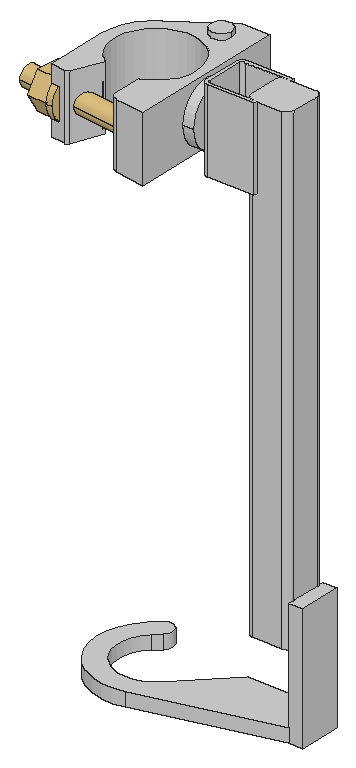
Revit family "AND_HANDLE LOCK_2129485", category Generic Models, Revit 2018
Family settings
  Can host rebar = No
  Round Connector Dimension = Use Diameter
  Part Type = Normal
  OmniClass Number = 35.51.17.00
  OmniClass Title = SCAFFOLDING SHORING AND FENCING
  Work Plane-Based = Yes
  Always vertical = No
  Cut with Voids When Loaded = No
  Shared = Yes
  Room Calculation Point = No
Parameters
  VERSION = "20170217"  # constant formula
  URL = "www.ulmaconstruction.com/en"
  UNICLASS = ""
  Manufacturer = "ULMA CONSTRUCTION"  # constant formula
  ITEM_CODE = "2129485"
  FILTER [instance] = ""
  Default Elevation = 0.000 mm
  CLASSIFICATION_TITLE = ""
  CLASSIFICATION_NUMBER = ""
Reference planes
  plane 1 "Centro (Frontal/Posterior)": y = 0
  plane 2: z = 0
  plane 3 "Centro (Izquierda/Derecha)": x = 0
  plane 4 "COUPLER": z = 297
Forms (mm)
  Extrusion 1, solid, material "ULMA ZINC", detail levels fine
    sketch origin (0, 0, 0) x (1, 0, 0) y (0, 1, 0)
      loop
        line (-15.556, 15.556) -> (-11.314, 19.799)
        arc (-11.314, 19.799) -> (-11.314, 28.284) -> (-19.799, 28.284) r 6
        line (-19.799, 28.284) -> (-24.042, 24.042)
        arc (-24.042, 24.042) -> (-29.448, -16.994) -> (8.787, -32.845) r 34
        line (8.787, -32.845) -> (87.461, -12.498) -> (95.504, -12.498) -> (95.504, 12.502) -> (43.614, 12.502) -> (15.556, -15.556)
        arc (15.556, -15.556) -> (-15.556, -15.556) -> (-15.556, 15.556) r 22
    from -8 to 0
  Extrusion 2, solid, material "ULMA ZINC", detail levels fine
    sketch origin (0, 0, 0) x (1, 0, 0) y (0, 1, 0)
      loop
        line (95.504, 12.502) -> (87.504, 12.502) -> (87.504, -12.498) -> (95.504, -12.498) -> (95.504, 12.502)
    from 0 to 65
  Extrusion 3, solid, material "ULMA ZINC", detail levels fine
    sketch origin (0, 0, 0) x (1, 0, 0) y (0, 1, 0)
      loop
        line (83.504, 12.502) -> (66.504, 12.502)
        arc (66.504, 12.502) -> (63.676, 11.33) -> (62.504, 8.502) r 4
        line (62.504, 8.502) -> (62.504, -8.498)
        arc (62.504, -8.498) -> (63.676, -11.327) -> (66.504, -12.498) r 4
        line (66.504, -12.498) -> (83.504, -12.498)
        arc (83.504, -12.498) -> (86.333, -11.327) -> (87.504, -8.498) r 4
        line (87.504, -8.498) -> (87.504, 8.502)
        arc (87.504, 8.502) -> (86.333, 11.33) -> (83.504, 12.502) r 4
    from 40 to 321
  Extrusion 4, solid, material "ULMA ZINC", detail levels fine
    sketch origin (0, 0, 0) x (1, 0, 0) y (0, 1, 0)
      loop
        line (69.004, -12.498) -> (42.004, -12.498)
        arc (42.004, -12.498) -> (40.59, -11.913) -> (40.004, -10.498) r 2
        line (40.004, -10.498) -> (40.004, 10.502)
        arc (40.004, 10.502) -> (40.59, 11.916) -> (42.004, 12.502) r 2
        line (42.004, 12.502) -> (69.004, 12.502) -> (69.004, 14.502) -> (42.004, 14.502)
        arc (42.004, 14.502) -> (39.176, 13.33) -> (38.004, 10.502) r 4
        line (38.004, 10.502) -> (38.004, -10.498)
        arc (38.004, -10.498) -> (39.176, -13.327) -> (42.004, -14.498) r 4
        line (42.004, -14.498) -> (69.004, -14.498) -> (69.004, -12.498)
    from 273 to 321
Cuts and joins
  joined: Extrusion 1, Extrusion 2, Extrusion 3, Extrusion 4
Lines and regions (mm)
  model lines, style "ULMA VERTICAL ITEMS", detail levels medium
    curve 1: line (75.004, 0, 0) -> (75.004, 0, 297)
    curve 2: circle (0, 0.183, 0) r 27.5 normal (0, 0, 1)
    curve 3: line (27.5, 0.183, 0) -> (75.004, 0.183, 0)
    curve 4: line (27.5, 0.183, 297) -> (75.004, 0.183, 297)
Dimensions and locks
  locked: plane 4 "COUPLER" to level at 297
  aligned and locked: level to plane 2
  aligned and locked: plane 1 "Centro (Frontal/Posterior)" to nested 1
  aligned and locked: nested 1 to plane 4 "COUPLER"
  aligned and locked: nested 1 to plane 3 "Centro (Izquierda/Derecha)"
  aligned and locked: cut or joined group of Extrusion 1, Extrusion 2, Extrusion 3, Extrusion 4 to Extrusion 4
Nested families
  nested 1: "SEMIABRAZADERA D48 - 2125442_VERTICAL ITEMS" at (36.3, 0, 297), type "SEMIABRAZADERA D48 - 2125442_VERTICAL ITEMS"
Definition of nested family "SEMIABRAZADERA D48 - 2125442_VERTICAL ITEMS"
  Parameters (values of type "SEMIABRAZADERA D48 - 2125442_VERTICAL ITEMS")
    VERSION = "20170217"  # constant formula
    Model = ""
    Manufacturer = "ULMA COSNTRUCTION"  # constant formula
    Default Elevation = 0.000 mm
  Reference planes
    plane 1 "Centro (Frontal/Posterior)": y = 0
    plane 2: z = 0
    plane 3 "Centro (Izquierda/Derecha)": x = 0
    plane 4 "Plano Tornillo": through (-60.806, 41.119, 1200) normal (0.9925, 0.1219, 0)
    plane 5: x = -36.3
  Forms (mm)
    Extrusion 1, solid, detail levels fine
      sketch origin (4230.9, -541.261, 182) x (0, -1, 0) y (1, 0, 0)
        loop
          line (-587.61, -4237.9) -> (-585.223, -4254.883)
          arc (-585.223, -4254.883) -> (-583.552, -4257.961) -> (-580.272, -4259.187) r 5
          line (-580.272, -4259.187) -> (-564.043, -4259.187)
          arc (-564.043, -4259.187) -> (-517.353, -4263.79) -> (-560.895, -4281.262) r 24.15
          line (-560.895, -4281.262) -> (-577.903, -4288.134)
          arc (-577.903, -4288.134) -> (-578.877, -4288.973) -> (-579.139, -4290.232) r 2
          line (-579.139, -4290.232) -> (-578.099, -4298.704) -> (-541.261, -4298.704)
          arc (-541.261, -4298.704) -> (-526.385, -4295.208) -> (-514.987, -4285.029) r 31
          line (-514.987, -4285.029) -> (-494.547, -4254.687) -> (-494.547, -4237.9) -> (-587.61, -4237.9)
      from -201 to -163
    Extrusion 2, solid, detail levels fine
      sketch origin (4239.482, -541.261, 182) x (0, -1, 0) y (1, 0, 0)
        loop
          circle (-507.261, -4264.782) r 6
      from -163 to -160
    Extrusion 3, solid, detail levels fine
      sketch origin (4239.482, -541.261, 141) x (0, -1, 0) y (1, 0, 0)
        loop
          circle (-507.261, -4264.782) r 6
      from -163 to -160
    Extrusion 4, solid, detail levels fine
      sketch origin (-55.331, -3.476, 0) x (-0.121869, 0.992546, 0) y (0, 0, 1)
        loop
          line (26.082, 11) -> (19.732, 0) -> (26.082, -11) -> (38.784, -11) -> (45.135, 0) -> (38.784, 11) -> (26.082, 11)
      from -18.924 to -6.924
    Extrusion 5, solid, detail levels fine
      sketch origin (-55.211, -4.455, 0) x (-0.121869, 0.992546, 0) y (0, 0, 1)
        loop
          circle (33.42, 0) r 13
      from -6.924 to -2.924
    Extrusion 6, solid, detail levels fine
      sketch origin (-55.191, -4.614, 0) x (-0.121869, 0.992546, 0) y (0, 0, 1)
        loop
          circle (33.579, 0) r 6
      from -31.18 to 45.825
    Extrusion 7, solid, detail levels fine
      sketch origin (0, 0, 0) x (0, 1, 0) y (0, 0, 1)
        loop
          circle (0, 0) r 17.5
      from -7 to 0
  Lines and regions (mm)
    model lines, detail levels medium
      curve 1: circle (-36.3, 0, 0) r 27.5 normal (0, 0, 1)
    reference lines
      curve 2: line (-13.8, 34.3, 0) -> (-59.283, 28.715, 0)
  Dimensions and locks
    locked: plane 5 to plane 3 "Centro (Izquierda/Derecha)" at 36.3
    aligned and locked: Extrusion 7 to Extrusion 1
    aligned and locked: plane 3 "Centro (Izquierda/Derecha)" to Extrusion 7
    aligned and locked: Extrusion 4 to Extrusion 5
